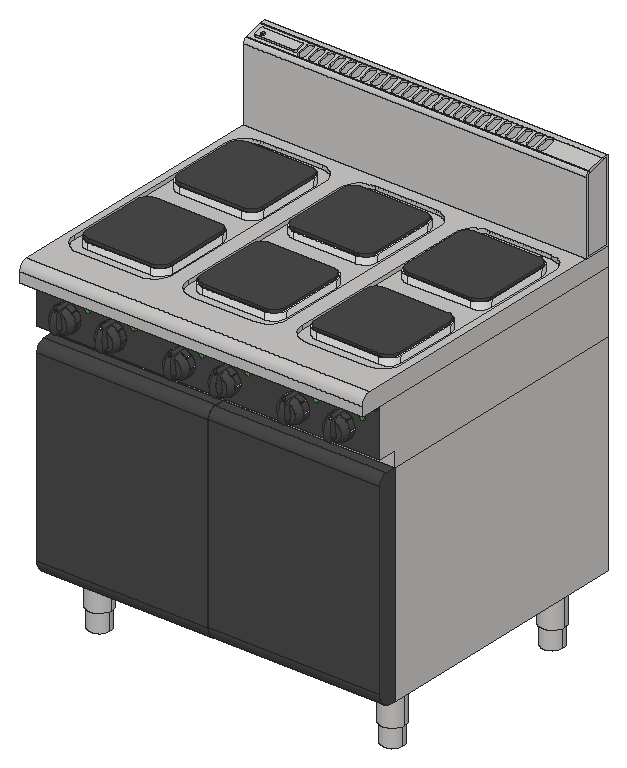
Revit family "QF_Moffat_RNB8600SE-CD_Electric_Cooktops_Sealed_Hobs_cat", category Specialty Equipment, Revit 2019 (continued)
Definition of nested family "High and Low Option"
  Automatic sketch dimensions
    Extrusion 4 sketch curve to Extrusion 4 sketch curve = 63.6 mm
    Extrusion 4 sketch curve to Extrusion 4 sketch curve = 20.745 mm
    Extrusion 4 sketch curve to Extrusion 4 sketch curve = 2.306 mm
    Extrusion 4 sketch curve to Extrusion 4 sketch curve = 0.028 mm
    Extrusion 3 sketch curve to Extrusion 3 sketch curve = 8.8 mm
    Extrusion 3 sketch curve to Extrusion 3 sketch curve = 43 mm
    Extrusion 3 sketch curve to Extrusion 3 sketch curve = 63.6 mm
    Extrusion 3 sketch curve to Extrusion 3 sketch curve = 20.745 mm
    Extrusion 3 sketch curve to Extrusion 3 sketch curve = 2.306 mm
    Extrusion 3 sketch curve to Extrusion 3 sketch curve = 0.028 mm
    Extrusion 9 sketch curve to Extrusion 9 sketch curve = 8.8 mm
    Extrusion 9 sketch curve to Extrusion 9 sketch curve = 43 mm
    Extrusion 9 sketch curve to Extrusion 9 sketch curve = 63.6 mm
    Extrusion 9 sketch curve to Extrusion 9 sketch curve = 20.745 mm
    Extrusion 9 sketch curve to Extrusion 9 sketch curve = 2.306 mm
    Extrusion 9 sketch curve to Extrusion 9 sketch curve = 0.028 mm
    Extrusion 8 sketch curve to Extrusion 8 sketch curve = 8.8 mm
    Extrusion 8 sketch curve to Extrusion 8 sketch curve = 43 mm
    Extrusion 8 sketch curve to Extrusion 8 sketch curve = 63.6 mm
    Extrusion 8 sketch curve to Extrusion 8 sketch curve = 20.745 mm
    Extrusion 8 sketch curve to Extrusion 8 sketch curve = 2.306 mm
    Extrusion 8 sketch curve to Extrusion 8 sketch curve = 0.028 mm
    Extrusion 1 sketch curve to Extrusion 1 sketch curve = 15 mm
    Extrusion 1 sketch curve to Extrusion 1 sketch curve = 55 mm  (x2)
    Extrusion 1 sketch curve to Extrusion 1 sketch curve = 40 mm
    Extrusion 6 sketch curve to Extrusion 6 sketch curve = 15 mm
    Extrusion 6 sketch curve to Extrusion 6 sketch curve = 55 mm  (x2)
    Extrusion 6 sketch curve to Extrusion 6 sketch curve = 40 mm
    Extrusion 3 sketch curve to Extrusion 3 sketch curve = 187.855 mm
    Extrusion 3 sketch curve to Extrusion 3 sketch curve = 0.105 mm
    Extrusion 4 sketch curve to Extrusion 4 sketch curve = 187.855 mm
    Extrusion 4 sketch curve to Extrusion 4 sketch curve = 0.105 mm
    Extrusion 8 sketch curve to Extrusion 8 sketch curve = 187.855 mm
    Extrusion 8 sketch curve to Extrusion 8 sketch curve = 0.105 mm
    Extrusion 9 sketch curve to Extrusion 9 sketch curve = 187.855 mm
    Extrusion 9 sketch curve to Extrusion 9 sketch curve = 0.105 mm
  Nested families
    nested 1: "QF_LOGO_Waldorf" at (32, -70, 923.25), visible <- "Show Logo 1", type "QF_LOGO_Waldorf"
    nested 2: "QF_LOGO_Waldorf1" at (12.5, -38.053, 1110.468), visible <- "Show Logo 2", type "QF_LOGO_Waldorf1"
    nested 3: "QF_LOGO_Waldorf" at (32, -70, 923.25), visible <- "Show Logo 1", type "QF_LOGO_Waldorf", not visible
    nested 4: "QF_LOGO_Waldorf1" at (12.5, -38.053, 1110.468), visible <- "Show Logo 2", type "QF_LOGO_Waldorf1", not visible
  Definition of nested family "QF_LOGO_Waldorf"
    Parameters (values of type "QF_LOGO_Waldorf")
      Weight in Pounds = 0
      URL Cutsheet = ""
      Specification by User = ""
      Specification by Manufacturer = ""
      Serial Number = ""
      Seismic Rating = ""
      SMACNA No = ""
      Revision Code = ""
      NAFEM Spec ID Number = ""
      Masterspec = ""
      Length = 138 mm
      Item Number = ""
      Installed By = ""
      Identify Quantity as Lot = yes
      Height = 26.711 mm
      Furnished By = ""
      Foodservice Equipment Identifier = yes
      Depth = 3.175 mm
      CSI MasterFormat = ""
    Reference planes
      plane 1 "BACK": y = 0
      plane 2: z = 0
      plane 3 "LEFT": x = 0
      plane 4 "RIGHT": x = 138
      plane 5 "FRONT": y = -3.175
      plane 6 "TOP": z = 26.711
      plane 7 "Center Y": x = 69
      plane 8 "Center X": y = -1.587
    Forms (mm)
      Extrusion 1, solid
        sketch origin (0, 0, 0) x (1, 0, 0) y (0, 0, 1)
          loop
            line (109, 3.464) -> (109, 23.247)
            spline (109, 23.247) -> (108.966, 23.699) -> (108.864, 24.143) -> (108.696, 24.572) -> (108.464, 24.979) -> (108.173, 25.355) -> (107.828, 25.696) -> (107.435, 25.995) -> (107, 26.247) -> (106.531, 26.447) -> (106.035, 26.593) -> (105.522, 26.681) -> (105, 26.711)
            line (105, 26.711) -> (4, 26.711)
            spline (4, 26.711) -> (3.478, 26.681) -> (2.965, 26.593) -> (2.469, 26.447) -> (2, 26.247) -> (1.565, 25.995) -> (1.172, 25.696) -> (0.827, 25.355) -> (0.536, 24.979) -> (0.304, 24.572) -> (0.136, 24.143) -> (0.034, 23.699) -> (0, 23.247)
            line (0, 23.247) -> (0, 3.464)
            spline (0, 3.464) -> (0.034, 3.012) -> (0.136, 2.568) -> (0.304, 2.138) -> (0.536, 1.732) -> (0.827, 1.355) -> (1.172, 1.015) -> (1.565, 0.716) -> (2, 0.464) -> (2.469, 0.264) -> (2.965, 0.118) -> (3.478, 0.03) -> (4, 0)
            line (4, 0) -> (105, 0)
            spline (105, 0) -> (105.522, 0.03) -> (106.035, 0.118) -> (106.531, 0.264) -> (107, 0.464) -> (107.435, 0.716) -> (107.828, 1.015) -> (108.173, 1.355) -> (108.464, 1.732) -> (108.696, 2.138) -> (108.864, 2.568) -> (108.966, 3.012) -> (109, 3.464)
          loop
            line (14.75, 7.005) -> (14.75, 15.654)
            arc (14.75, 15.654) -> (10.425, 11.329) -> (14.75, 7.005) r 4.325
          loop
            line (15.25, 15.654) -> (15.25, 7.005)
            arc (15.25, 7.005) -> (19.575, 11.329) -> (15.25, 15.654) r 4.325
        from 0 to 3.2
      Extrusion 2, solid
        sketch origin (0, 0, 0) x (1, 0, 0) y (0, 0, 1)
          loop
            line (15.25, 15.654) -> (15.25, 7.005)
            arc (15.25, 7.005) -> (19.575, 11.329) -> (15.25, 15.654) r 4.325
        from 0 to 3.2
      Extrusion 3, solid
        sketch origin (16.271, 0, 0) x (-1, 0, 0) y (0, 0, -1)
          loop
            arc (1.521, -15.654) -> (5.846, -11.329) -> (1.521, -7.005) r 4.325
            line (1.521, -7.005) -> (1.521, -15.654)
        from 0 to 3.2
    Lines and regions (mm)
      Split face 1
        outline origin (0, -3.2, 0) x (1, 0, 0) y (0, 0, 1)
          loop
            spline (22.129, 16.975) -> (22.389, 15.984) -> (22.649, 15.002) -> (22.91, 14.028) -> (23.172, 13.065) -> (23.433, 12.11) -> (23.695, 11.166) -> (23.956, 10.232) -> (24.218, 9.308) -> (24.479, 8.396) -> (24.74, 7.495) -> (25, 6.605) -> (25.26, 5.728)
            line (25.26, 5.728) -> (29.463, 5.728)
            spline (29.463, 5.728) -> (29.582, 6.252) -> (29.701, 6.78) -> (29.82, 7.313) -> (29.939, 7.85) -> (30.058, 8.391) -> (30.178, 8.936) -> (30.297, 9.485) -> (30.416, 10.038) -> (30.536, 10.594) -> (30.655, 11.155) -> (30.775, 11.719) -> (30.894, 12.287)
            spline (30.894, 12.287) -> (31.018, 11.719) -> (31.142, 11.155) -> (31.266, 10.594) -> (31.39, 10.038) -> (31.514, 9.485) -> (31.638, 8.936) -> (31.762, 8.391) -> (31.885, 7.85) -> (32.009, 7.313) -> (32.133, 6.78) -> (32.256, 6.252) -> (32.379, 5.728)
            line (32.379, 5.728) -> (36.51, 5.728)
            spline (36.51, 5.728) -> (36.766, 6.605) -> (37.023, 7.495) -> (37.28, 8.396) -> (37.538, 9.308) -> (37.795, 10.232) -> (38.053, 11.166) -> (38.311, 12.11) -> (38.569, 13.065) -> (38.826, 14.028) -> (39.083, 15.002) -> (39.34, 15.984) -> (39.597, 16.975)
            line (39.597, 16.975) -> (35.637, 16.975)
            spline (35.637, 16.975) -> (35.523, 16.334) -> (35.41, 15.697) -> (35.296, 15.063) -> (35.182, 14.433) -> (35.068, 13.807) -> (34.954, 13.185) -> (34.84, 12.566) -> (34.726, 11.952) -> (34.612, 11.342) -> (34.497, 10.737) -> (34.383, 10.135) -> (34.269, 9.538)
            spline (34.269, 9.538) -> (34.138, 10.135) -> (34.008, 10.737) -> (33.877, 11.342) -> (33.746, 11.952) -> (33.616, 12.566) -> (33.485, 13.185) -> (33.354, 13.807) -> (33.224, 14.433) -> (33.093, 15.063) -> (32.963, 15.697) -> (32.833, 16.334) -> (32.703, 16.975)
            line (32.703, 16.975) -> (29.247, 16.975)
            spline (29.247, 16.975) -> (29.111, 16.334) -> (28.974, 15.697) -> (28.837, 15.063) -> (28.7, 14.433) -> (28.562, 13.807) -> (28.425, 13.185) -> (28.288, 12.566) -> (28.15, 11.952) -> (28.013, 11.342) -> (27.875, 10.737) -> (27.738, 10.135) -> (27.6, 9.538)
            spline (27.6, 9.538) -> (27.483, 10.135) -> (27.366, 10.737) -> (27.249, 11.342) -> (27.132, 11.952) -> (27.015, 12.566) -> (26.897, 13.185) -> (26.78, 13.807) -> (26.663, 14.433) -> (26.546, 15.063) -> (26.43, 15.697) -> (26.313, 16.334) -> (26.196, 16.975)
            line (26.196, 16.975) -> (22.129, 16.975)
      Split face 2
        outline origin (0, -3.2, 0) x (1, 0, 0) y (0, 0, 1)
          loop
            line (51.449, 5.728) -> (51.035, 6.606) -> (51.035, 11.169)
            spline (51.035, 11.169) -> (50.686, 12.42) -> (50.176, 13.224) -> (49.51, 13.708) -> (48.693, 13.995) -> (47.747, 14.152) -> (46.698, 14.207) -> (45.579, 14.186) -> (44.419, 14.114) -> (43.279, 13.929) -> (42.249, 13.481) -> (41.424, 12.614) -> (40.897, 11.169)
            line (40.897, 11.169) -> (44.617, 11.169) -> (44.988, 11.965)
            spline (44.988, 11.965) -> (47.294, 11.682) -> (46.856, 10.932) -> (45.527, 10.609) -> (43.858, 10.439) -> (42.259, 10.123) -> (41.078, 9.417) -> (40.563, 8.246) -> (40.689, 6.989) -> (41.407, 6.052) -> (42.774, 5.536) -> (44.847, 5.497) -> (47.306, 6.602)
            line (47.306, 6.602) -> (47.624, 5.728) -> (51.449, 5.728)
      Split face 3
        outline origin (0, -3.2, 0) x (1, 0, 0) y (0, 0, 1)
          loop
            line (47.264, 9.264) -> (44.938, 8.597)
            spline (44.938, 8.597) -> (44.508, 8.228) -> (44.402, 7.9) -> (44.548, 7.626) -> (44.877, 7.42) -> (45.317, 7.295) -> (45.797, 7.265) -> (46.252, 7.342) -> (46.65, 7.525) -> (46.971, 7.813) -> (47.194, 8.201) -> (47.298, 8.685) -> (47.264, 9.264)
      Split face 4
        outline origin (0, -3.2, 0) x (1, 0, 0) y (0, 0, 1)
          loop
            line (53.33, 16.975) -> (53.33, 5.728) -> (57.173, 5.728) -> (57.173, 16.975) -> (53.33, 16.975)
      Split face 5
        outline origin (0, -3.2, 0) x (1, 0, 0) y (0, 0, 1)
          loop
            line (65.795, 16.975) -> (65.795, 12.976)
            spline (65.795, 12.976) -> (63.839, 14.082) -> (62.087, 14.096) -> (60.633, 13.343) -> (59.574, 12.148) -> (58.99, 10.806) -> (58.867, 9.452) -> (59.156, 8.159) -> (59.81, 7) -> (60.786, 6.056) -> (62.111, 5.514) -> (63.868, 5.634) -> (66.137, 6.679)
            line (66.137, 6.679) -> (66.137, 5.728) -> (69.511, 5.728) -> (69.511, 16.975) -> (65.795, 16.975)
      Split face 6
        outline origin (0, -3.2, 0) x (1, 0, 0) y (0, 0, 1)
          loop
            spline (64.273, 7.499) -> (64.754, 7.57) -> (65.202, 7.777) -> (65.587, 8.106) -> (65.882, 8.535) -> (66.067, 9.034) -> (66.131, 9.57) -> (66.067, 10.106) -> (65.882, 10.605) -> (65.587, 11.034) -> (65.202, 11.363) -> (64.754, 11.57) -> (64.273, 11.64)
            spline (64.273, 11.64) -> (63.793, 11.57) -> (63.345, 11.363) -> (62.96, 11.034) -> (62.665, 10.605) -> (62.479, 10.106) -> (62.416, 9.57) -> (62.479, 9.034) -> (62.665, 8.535) -> (62.96, 8.106) -> (63.345, 7.777) -> (63.793, 7.57) -> (64.273, 7.499)
      Split face 7
        outline origin (0, -3.2, 0) x (1, 0, 0) y (0, 0, 1)
          loop
            spline (76.449, 5.305) -> (77.855, 5.457) -> (79.166, 5.901) -> (80.291, 6.607) -> (81.155, 7.527) -> (81.698, 8.599) -> (81.883, 9.749) -> (81.698, 10.899) -> (81.155, 11.97) -> (80.291, 12.891) -> (79.166, 13.597) -> (77.855, 14.041) -> (76.449, 14.192)
            spline (76.449, 14.192) -> (75.042, 14.041) -> (73.731, 13.597) -> (72.606, 12.891) -> (71.742, 11.97) -> (71.199, 10.899) -> (71.014, 9.749) -> (71.199, 8.599) -> (71.742, 7.527) -> (72.606, 6.607) -> (73.731, 5.901) -> (75.042, 5.457) -> (76.449, 5.305)
      Split face 8
        outline origin (0, -3.2, 0) x (1, 0, 0) y (0, 0, 1)
          loop
            spline (76.449, 7.654) -> (76.841, 7.725) -> (77.206, 7.934) -> (77.52, 8.267) -> (77.76, 8.701) -> (77.912, 9.206) -> (77.963, 9.749) -> (77.912, 10.291) -> (77.76, 10.796) -> (77.52, 11.23) -> (77.206, 11.563) -> (76.841, 11.772) -> (76.449, 11.843)
            spline (76.449, 11.843) -> (76.057, 11.772) -> (75.691, 11.563) -> (75.378, 11.23) -> (75.137, 10.796) -> (74.986, 10.291) -> (74.934, 9.749) -> (74.986, 9.206) -> (75.137, 8.701) -> (75.378, 8.267) -> (75.691, 7.934) -> (76.057, 7.725) -> (76.449, 7.654)
      Split face 9
        outline origin (0, -3.2, 0) x (1, 0, 0) y (0, 0, 1)
          loop
            line (86.998, 12.335) -> (86.998, 13.879) -> (83.479, 13.879) -> (83.479, 5.728) -> (87.312, 5.728) -> (87.312, 8.975)
            spline (87.312, 8.975) -> (87.364, 9.356) -> (87.458, 9.686) -> (87.594, 9.968) -> (87.769, 10.204) -> (87.982, 10.398) -> (88.229, 10.55) -> (88.509, 10.666) -> (88.82, 10.746) -> (89.16, 10.794) -> (89.525, 10.812) -> (89.915, 10.803) -> (90.327, 10.77)
            line (90.327, 10.77) -> (90.327, 14.113)
            spline (90.327, 14.113) -> (89.929, 14.127) -> (89.552, 14.111) -> (89.197, 14.066) -> (88.865, 13.991) -> (88.554, 13.887) -> (88.266, 13.754) -> (87.999, 13.591) -> (87.755, 13.399) -> (87.532, 13.177) -> (87.332, 12.926) -> (87.154, 12.645) -> (86.998, 12.335)
      Split face 10
        outline origin (0, -3.2, 0) x (1, 0, 0) y (0, 0, 1)
          loop
            line (92.082, 13.879) -> (90.894, 13.879) -> (90.894, 11.972) -> (92.082, 11.972) -> (92.082, 5.728) -> (95.871, 5.728) -> (95.871, 11.972) -> (97.5, 11.972) -> (97.5, 13.879) -> (95.871, 13.879)
            spline (95.871, 13.879) -> (95.843, 14.088) -> (95.845, 14.278) -> (95.877, 14.447) -> (95.939, 14.596) -> (96.03, 14.726) -> (96.151, 14.835) -> (96.301, 14.925) -> (96.482, 14.995) -> (96.692, 15.045) -> (96.931, 15.075) -> (97.201, 15.085) -> (97.5, 15.076)
            line (97.5, 15.076) -> (97.5, 17.266) -> (95.367, 17.266)
            spline (95.367, 17.266) -> (94.982, 17.253) -> (94.58, 17.21) -> (94.174, 17.132) -> (93.774, 17.013) -> (93.39, 16.846) -> (93.034, 16.627) -> (92.717, 16.349) -> (92.448, 16.007) -> (92.24, 15.595) -> (92.102, 15.106) -> (92.046, 14.537) -> (92.082, 13.879)
    Dimensions and locks
      equal spacing: plane 3 "LEFT", plane 7 "Center Y", plane 4 "RIGHT"
      "Length": plane 3 "LEFT" to plane 4 "RIGHT"
      equal spacing: plane 5 "FRONT", plane 8 "Center X", plane 1 "BACK"
      "Depth": plane 5 "FRONT" to plane 1 "BACK"
      "Height": plane 6 "TOP" to level
      plane 4 "RIGHT" to plane 3 "LEFT" = 138 mm
      aligned and locked: level to plane 2
    Automatic sketch dimensions
      Extrusion 1 sketch curve to plane 3 "LEFT" = 0 mm
      Extrusion 1 sketch curve to plane 6 "TOP" = 0 mm
      Extrusion 1 sketch curve to level = 0 mm
      plane 3 "LEFT" to Extrusion 1 sketch curve = 4 mm  (x2)
      Extrusion 1 sketch curve to Extrusion 1 sketch curve = 10.75 mm
      Extrusion 1 sketch curve to Extrusion 1 sketch curve = 0.5 mm
      plane 4 "RIGHT" to Extrusion 1 sketch curve = 33 mm
      Extrusion 1 sketch curve to Extrusion 1 sketch curve = 0 mm  (x3)
      Extrusion 1 sketch curve to Extrusion 1 sketch curve = 4 mm
      level to Extrusion 1 sketch curve = 3.464 mm  (x2)
      level to Extrusion 1 sketch curve = 7.005 mm
      Extrusion 1 sketch curve to Extrusion 1 sketch curve = 4.325 mm
      Extrusion 1 sketch curve to plane 6 "TOP" = 3.464 mm  (x2)
      Extrusion 2 sketch curve to Extrusion 2 sketch curve = 4.325 mm
      level to Extrusion 2 sketch curve = 7.005 mm
      plane 3 "LEFT" to Extrusion 2 sketch curve = 15.25 mm
      Extrusion 3 sketch curve to Extrusion 3 sketch curve = 4.325 mm
      Extrusion 3 sketch curve to level = 7.005 mm
      Extrusion 3 sketch curve to plane 3 "LEFT" = 14.75 mm
      Extrusion 1 to Split face 1 sketch curve = 6.879 mm
      Split face 1 sketch curve to Extrusion 1 = 5.728 mm
      Split face 1 sketch curve to Split face 1 sketch curve = 3.132 mm
      Split face 1 sketch curve to Split face 1 sketch curve = 4.068 mm
      Split face 1 sketch curve to Split face 1 sketch curve = 3.051 mm
      Split face 1 sketch curve to Split face 1 sketch curve = 4.203 mm
      Split face 1 sketch curve to Split face 1 sketch curve = 2.916 mm
      Split face 1 sketch curve to Split face 1 sketch curve = 3.456 mm
      Split face 1 sketch curve to Split face 1 sketch curve = 2.934 mm
      Split face 1 sketch curve to Split face 1 sketch curve = 4.131 mm
      Split face 1 sketch curve to Split face 1 sketch curve = 3.96 mm
      Split face 1 sketch curve to Split face 1 sketch curve = 0 mm  (x2)
      Split face 1 sketch curve to Extrusion 1 = 9.736 mm  (x2)
      Extrusion 1 to Split face 1 sketch curve = 6.337 mm
      Extrusion 1 to Split face 1 sketch curve = 6.231 mm
      Extrusion 1 to Split face 1 sketch curve = 3.184 mm
      Extrusion 1 to Split face 1 sketch curve = 13.135 mm
      Split face 1 sketch curve to Split face 1 sketch curve = 4.652 mm
      Split face 1 sketch curve to Split face 1 sketch curve = 3.593 mm
      Split face 1 sketch curve to Split face 1 sketch curve = 1.863 mm
      Split face 1 sketch curve to Split face 1 sketch curve = 0.713 mm
      Split face 1 sketch curve to Split face 1 sketch curve = 2.684 mm
      Split face 1 sketch curve to Split face 1 sketch curve = 3.294 mm
      Split face 1 sketch curve to Split face 1 sketch curve = 0.459 mm
      Split face 1 sketch curve to Split face 1 sketch curve = 2.775 mm
      Split face 1 sketch curve to Split face 1 sketch curve = 1.89 mm
      Split face 1 sketch curve to Split face 1 sketch curve = 0.685 mm
      Split face 1 sketch curve to Split face 1 sketch curve = 9.486 mm
      Split face 1 sketch curve to Split face 1 sketch curve = 16.213 mm
      Split face 1 sketch curve to Split face 1 sketch curve = 3.48 mm
      Split face 1 sketch curve to Split face 1 sketch curve = 4.918 mm
      Split face 1 sketch curve to Split face 1 sketch curve = 7.609 mm
      Split face 1 sketch curve to Split face 1 sketch curve = 0.01 mm  (x2)
      Split face 1 sketch curve to Split face 1 sketch curve = 0.002 mm
      Split face 2 sketch curve to Extrusion 1 = 11.169 mm
      Extrusion 1 to Split face 2 sketch curve = 25.647 mm
      Split face 2 sketch curve to Split face 2 sketch curve = 3.72 mm
      Split face 2 sketch curve to Extrusion 1 = 11.965 mm
      Split face 2 sketch curve to Split face 2 sketch curve = 0.371 mm
      Split face 2 sketch curve to Extrusion 1 = 6.602 mm
      Split face 2 sketch curve to Split face 2 sketch curve = 2.689 mm
      Split face 2 sketch curve to Split face 2 sketch curve = 0.318 mm
      Split face 2 sketch curve to Split face 2 sketch curve = 3.729 mm
      Split face 2 sketch curve to Split face 2 sketch curve = 0.414 mm
      Split face 2 sketch curve to Split face 2 sketch curve = 0.875 mm
      Split face 2 sketch curve to Split face 2 sketch curve = 0.878 mm
      Split face 3 sketch curve to Extrusion 1 = 8.597 mm
      Extrusion 1 to Split face 3 sketch curve = 29.688 mm
      Split face 3 sketch curve to Extrusion 1 = 9.264 mm
      Split face 3 sketch curve to Split face 3 sketch curve = 2.326 mm
      Split face 4 sketch curve to Extrusion 1 = 5.728 mm
      Extrusion 1 to Split face 4 sketch curve = 38.08 mm
      Split face 4 sketch curve to Split face 4 sketch curve = 3.843 mm
      Split face 4 sketch curve to Extrusion 1 = 9.736 mm
      Split face 5 sketch curve to Extrusion 1 = 12.976 mm
      Split face 5 sketch curve to Extrusion 1 = 43.205 mm
      Split face 5 sketch curve to Extrusion 1 = 6.679 mm
      Split face 5 sketch curve to Split face 5 sketch curve = 0.342 mm
      Split face 5 sketch curve to Split face 5 sketch curve = 3.375 mm
      Split face 5 sketch curve to Split face 5 sketch curve = 0.952 mm
      Split face 5 sketch curve to Split face 5 sketch curve = 3.998 mm
      Split face 6 sketch curve to Extrusion 1 = 7.499 mm
      Split face 6 sketch curve to Extrusion 1 = 44.727 mm
      Split face 6 sketch curve to Split face 6 sketch curve = 2.07 mm
      Split face 7 sketch curve to Extrusion 1 = 5.305 mm
      Split face 7 sketch curve to Extrusion 1 = 32.551 mm
      Split face 7 sketch curve to Split face 7 sketch curve = 4.443 mm
      Split face 8 sketch curve to Split face 8 sketch curve = 2.095 mm
      Split face 8 sketch curve to Extrusion 1 = 7.654 mm
      Split face 8 sketch curve to Extrusion 1 = 32.551 mm
      Split face 9 sketch curve to Extrusion 1 = 5.728 mm
      Split face 9 sketch curve to Extrusion 1 = 25.521 mm
      Split face 9 sketch curve to Split face 9 sketch curve = 3.519 mm
      Split face 9 sketch curve to Split face 9 sketch curve = 0.315 mm
      Split face 9 sketch curve to Split face 9 sketch curve = 3.33 mm
      Split face 9 sketch curve to Split face 9 sketch curve = 3.248 mm
      Split face 9 sketch curve to Split face 9 sketch curve = 1.795 mm
      Split face 9 sketch curve to Split face 9 sketch curve = 3.36 mm
      Split face 9 sketch curve to Split face 9 sketch curve = 1.545 mm
      Split face 9 sketch curve to Split face 9 sketch curve = 0.233 mm
      Split face 10 sketch curve to Extrusion 1 = 18.106 mm
      Split face 10 sketch curve to Split face 10 sketch curve = 1.188 mm  (x2)
      Split face 10 sketch curve to Split face 10 sketch curve = 3.285 mm
      Split face 10 sketch curve to Split face 10 sketch curve = 3.789 mm
      Split face 10 sketch curve to Split face 10 sketch curve = 0 mm  (x2)
      Split face 10 sketch curve to Split face 10 sketch curve = 1.629 mm
      Split face 10 sketch curve to Split face 10 sketch curve = 2.133 mm
      Split face 10 sketch curve to Extrusion 1 = 5.728 mm
      Split face 10 sketch curve to Split face 10 sketch curve = 6.245 mm
      Split face 10 sketch curve to Split face 10 sketch curve = 1.907 mm  (x2)
      Split face 10 sketch curve to Split face 10 sketch curve = 1.197 mm
      Split face 10 sketch curve to Split face 10 sketch curve = 2.19 mm
  Definition of nested family "QF_LOGO_Waldorf1"
    Parameters (values of type "QF_LOGO_Waldorf1")
      Weight in Pounds = 0
      URL Cutsheet = ""
      Specification by User = ""
      Specification by Manufacturer = ""
      Serial Number = ""
      Seismic Rating = ""
      SMACNA No = ""
      Revision Code = ""
      NAFEM Spec ID Number = ""
      Masterspec = ""
      Length = 138 mm
      Item Number = ""
      Installed By = ""
      Identify Quantity as Lot = yes
      Height = 26.711 mm
      Furnished By = ""
      Foodservice Equipment Identifier = yes
      Depth = 3.175 mm
      CSI MasterFormat = ""
    Reference planes
      plane 1 "BACK": y = 0
      plane 2: z = 0
      plane 3 "LEFT": x = 0
      plane 4 "RIGHT": x = 138
      plane 5 "FRONT": y = -3.175
      plane 6 "TOP": z = 26.711
      plane 7 "Center Y": x = 69
      plane 8 "Center X": y = -1.587
    Forms (mm)
      Extrusion 1, solid
        sketch origin (0, -12.9, 9.899) x (1, 0, 0) y (0, 0.965926, 0.258819)
          loop
            line (109, 3.464) -> (109, 23.247)
            spline (109, 23.247) -> (108.966, 23.699) -> (108.864, 24.143) -> (108.696, 24.572) -> (108.464, 24.979) -> (108.173, 25.355) -> (107.828, 25.696) -> (107.435, 25.995) -> (107, 26.247) -> (106.531, 26.447) -> (106.035, 26.593) -> (105.522, 26.681) -> (105, 26.711)
            line (105, 26.711) -> (4, 26.711)
            spline (4, 26.711) -> (3.478, 26.681) -> (2.965, 26.593) -> (2.469, 26.447) -> (2, 26.247) -> (1.565, 25.995) -> (1.172, 25.696) -> (0.827, 25.355) -> (0.536, 24.979) -> (0.304, 24.572) -> (0.136, 24.143) -> (0.034, 23.699) -> (0, 23.247)
            line (0, 23.247) -> (0, 3.464)
            spline (0, 3.464) -> (0.034, 3.012) -> (0.136, 2.568) -> (0.304, 2.138) -> (0.536, 1.732) -> (0.827, 1.355) -> (1.172, 1.015) -> (1.565, 0.716) -> (2, 0.464) -> (2.469, 0.264) -> (2.965, 0.118) -> (3.478, 0.03) -> (4, 0)
            line (4, 0) -> (105, 0)
            spline (105, 0) -> (105.522, 0.03) -> (106.035, 0.118) -> (106.531, 0.264) -> (107, 0.464) -> (107.435, 0.716) -> (107.828, 1.015) -> (108.173, 1.355) -> (108.464, 1.732) -> (108.696, 2.138) -> (108.864, 2.568) -> (108.966, 3.012) -> (109, 3.464)
          loop
            line (14.75, 7.005) -> (14.75, 15.654)
            arc (14.75, 15.654) -> (10.425, 11.329) -> (14.75, 7.005) r 4.325
          loop
            line (15.25, 15.654) -> (15.25, 7.005)
            arc (15.25, 7.005) -> (19.575, 11.329) -> (15.25, 15.654) r 4.325
        from 0 to 3.2
      Extrusion 2, solid
        sketch origin (0, -12.9, 9.899) x (1, 0, 0) y (0, 0.965926, 0.258819)
          loop
            line (15.25, 15.654) -> (15.25, 7.005)
            arc (15.25, 7.005) -> (19.575, 11.329) -> (15.25, 15.654) r 4.325
        from 0 to 3.2
      Extrusion 3, solid
        sketch origin (16.271, -12.9, 9.899) x (-1, 0, 0) y (0, -0.965926, -0.258819)
          loop
            arc (1.521, -15.654) -> (5.846, -11.329) -> (1.521, -7.005) r 4.325
            line (1.521, -7.005) -> (1.521, -15.654)
        from 0 to 3.2
    Lines and regions (mm)
      Split face 1
        outline origin (0, -13.729, 12.99) x (1, 0, 0) y (0, 0.965926, 0.258819)
          loop
            spline (22.129, 16.975) -> (22.389, 15.984) -> (22.649, 15.002) -> (22.91, 14.028) -> (23.172, 13.065) -> (23.433, 12.11) -> (23.695, 11.166) -> (23.956, 10.232) -> (24.218, 9.308) -> (24.479, 8.396) -> (24.74, 7.495) -> (25, 6.605) -> (25.26, 5.728)
            line (25.26, 5.728) -> (29.463, 5.728)
            spline (29.463, 5.728) -> (29.582, 6.252) -> (29.701, 6.78) -> (29.82, 7.313) -> (29.939, 7.85) -> (30.058, 8.391) -> (30.178, 8.936) -> (30.297, 9.485) -> (30.416, 10.038) -> (30.536, 10.594) -> (30.655, 11.155) -> (30.775, 11.719) -> (30.894, 12.287)
            spline (30.894, 12.287) -> (31.018, 11.719) -> (31.142, 11.155) -> (31.266, 10.594) -> (31.39, 10.038) -> (31.514, 9.485) -> (31.638, 8.936) -> (31.762, 8.391) -> (31.885, 7.85) -> (32.009, 7.313) -> (32.133, 6.78) -> (32.256, 6.252) -> (32.379, 5.728)
            line (32.379, 5.728) -> (36.51, 5.728)
            spline (36.51, 5.728) -> (36.766, 6.605) -> (37.023, 7.495) -> (37.28, 8.396) -> (37.538, 9.308) -> (37.795, 10.232) -> (38.053, 11.166) -> (38.311, 12.11) -> (38.569, 13.065) -> (38.826, 14.028) -> (39.083, 15.002) -> (39.34, 15.984) -> (39.597, 16.975)
            line (39.597, 16.975) -> (35.637, 16.975)
            spline (35.637, 16.975) -> (35.523, 16.334) -> (35.41, 15.697) -> (35.296, 15.063) -> (35.182, 14.433) -> (35.068, 13.807) -> (34.954, 13.185) -> (34.84, 12.566) -> (34.726, 11.952) -> (34.612, 11.342) -> (34.497, 10.737) -> (34.383, 10.135) -> (34.269, 9.538)
            spline (34.269, 9.538) -> (34.138, 10.135) -> (34.008, 10.737) -> (33.877, 11.342) -> (33.746, 11.952) -> (33.616, 12.566) -> (33.485, 13.185) -> (33.354, 13.807) -> (33.224, 14.433) -> (33.093, 15.063) -> (32.963, 15.697) -> (32.833, 16.334) -> (32.703, 16.975)
            line (32.703, 16.975) -> (29.247, 16.975)
            spline (29.247, 16.975) -> (29.111, 16.334) -> (28.974, 15.697) -> (28.837, 15.063) -> (28.7, 14.433) -> (28.562, 13.807) -> (28.425, 13.185) -> (28.288, 12.566) -> (28.15, 11.952) -> (28.013, 11.342) -> (27.875, 10.737) -> (27.738, 10.135) -> (27.6, 9.538)
            spline (27.6, 9.538) -> (27.483, 10.135) -> (27.366, 10.737) -> (27.249, 11.342) -> (27.132, 11.952) -> (27.015, 12.566) -> (26.897, 13.185) -> (26.78, 13.807) -> (26.663, 14.433) -> (26.546, 15.063) -> (26.43, 15.697) -> (26.313, 16.334) -> (26.196, 16.975)
            line (26.196, 16.975) -> (22.129, 16.975)
      Split face 2
        outline origin (0, -13.729, 12.99) x (1, 0, 0) y (0, 0.965926, 0.258819)
          loop
            line (51.449, 5.728) -> (51.035, 6.606) -> (51.035, 11.169)
            spline (51.035, 11.169) -> (50.686, 12.42) -> (50.176, 13.224) -> (49.51, 13.708) -> (48.693, 13.995) -> (47.747, 14.152) -> (46.698, 14.207) -> (45.579, 14.186) -> (44.419, 14.114) -> (43.279, 13.929) -> (42.249, 13.481) -> (41.424, 12.614) -> (40.897, 11.169)
            line (40.897, 11.169) -> (44.617, 11.169) -> (44.988, 11.965)
            spline (44.988, 11.965) -> (47.294, 11.682) -> (46.856, 10.932) -> (45.527, 10.609) -> (43.858, 10.439) -> (42.259, 10.123) -> (41.078, 9.417) -> (40.563, 8.246) -> (40.689, 6.989) -> (41.407, 6.052) -> (42.774, 5.536) -> (44.847, 5.497) -> (47.306, 6.602)
            line (47.306, 6.602) -> (47.624, 5.728) -> (51.449, 5.728)
      Split face 3
        outline origin (0, -13.729, 12.99) x (1, 0, 0) y (0, 0.965926, 0.258819)
          loop
            line (47.264, 9.264) -> (44.938, 8.597)
            spline (44.938, 8.597) -> (44.508, 8.228) -> (44.402, 7.9) -> (44.548, 7.626) -> (44.877, 7.42) -> (45.317, 7.295) -> (45.797, 7.265) -> (46.252, 7.342) -> (46.65, 7.525) -> (46.971, 7.813) -> (47.194, 8.201) -> (47.298, 8.685) -> (47.264, 9.264)
      Split face 4
        outline origin (0, -13.729, 12.99) x (1, 0, 0) y (0, 0.965926, 0.258819)
          loop
            line (53.33, 16.975) -> (53.33, 5.728) -> (57.173, 5.728) -> (57.173, 16.975) -> (53.33, 16.975)
      Split face 5
        outline origin (0, -13.729, 12.99) x (1, 0, 0) y (0, 0.965926, 0.258819)
          loop
            line (65.795, 16.975) -> (65.795, 12.976)
            spline (65.795, 12.976) -> (63.839, 14.082) -> (62.087, 14.096) -> (60.633, 13.343) -> (59.574, 12.148) -> (58.99, 10.806) -> (58.867, 9.452) -> (59.156, 8.159) -> (59.81, 7) -> (60.786, 6.056) -> (62.111, 5.514) -> (63.868, 5.634) -> (66.137, 6.679)
            line (66.137, 6.679) -> (66.137, 5.728) -> (69.511, 5.728) -> (69.511, 16.975) -> (65.795, 16.975)
      Split face 6
        outline origin (0, -13.729, 12.99) x (1, 0, 0) y (0, 0.965926, 0.258819)
          loop
            spline (64.273, 7.499) -> (64.754, 7.57) -> (65.202, 7.777) -> (65.587, 8.106) -> (65.882, 8.535) -> (66.067, 9.034) -> (66.131, 9.57) -> (66.067, 10.106) -> (65.882, 10.605) -> (65.587, 11.034) -> (65.202, 11.363) -> (64.754, 11.57) -> (64.273, 11.64)
            spline (64.273, 11.64) -> (63.793, 11.57) -> (63.345, 11.363) -> (62.96, 11.034) -> (62.665, 10.605) -> (62.479, 10.106) -> (62.416, 9.57) -> (62.479, 9.034) -> (62.665, 8.535) -> (62.96, 8.106) -> (63.345, 7.777) -> (63.793, 7.57) -> (64.273, 7.499)
      Split face 7
        outline origin (0, -13.729, 12.99) x (1, 0, 0) y (0, 0.965926, 0.258819)
          loop
            spline (76.449, 5.305) -> (77.855, 5.457) -> (79.166, 5.901) -> (80.291, 6.607) -> (81.155, 7.527) -> (81.698, 8.599) -> (81.883, 9.749) -> (81.698, 10.899) -> (81.155, 11.97) -> (80.291, 12.891) -> (79.166, 13.597) -> (77.855, 14.041) -> (76.449, 14.192)
            spline (76.449, 14.192) -> (75.042, 14.041) -> (73.731, 13.597) -> (72.606, 12.891) -> (71.742, 11.97) -> (71.199, 10.899) -> (71.014, 9.749) -> (71.199, 8.599) -> (71.742, 7.527) -> (72.606, 6.607) -> (73.731, 5.901) -> (75.042, 5.457) -> (76.449, 5.305)
      Split face 8
        outline origin (0, -13.729, 12.99) x (1, 0, 0) y (0, 0.965926, 0.258819)
          loop
            spline (76.449, 7.654) -> (76.841, 7.725) -> (77.206, 7.934) -> (77.52, 8.267) -> (77.76, 8.701) -> (77.912, 9.206) -> (77.963, 9.749) -> (77.912, 10.291) -> (77.76, 10.796) -> (77.52, 11.23) -> (77.206, 11.563) -> (76.841, 11.772) -> (76.449, 11.843)
            spline (76.449, 11.843) -> (76.057, 11.772) -> (75.691, 11.563) -> (75.378, 11.23) -> (75.137, 10.796) -> (74.986, 10.291) -> (74.934, 9.749) -> (74.986, 9.206) -> (75.137, 8.701) -> (75.378, 8.267) -> (75.691, 7.934) -> (76.057, 7.725) -> (76.449, 7.654)
      Split face 9
        outline origin (0, -13.729, 12.99) x (1, 0, 0) y (0, 0.965926, 0.258819)
          loop
            line (86.998, 12.335) -> (86.998, 13.879) -> (83.479, 13.879) -> (83.479, 5.728) -> (87.312, 5.728) -> (87.312, 8.975)
            spline (87.312, 8.975) -> (87.364, 9.356) -> (87.458, 9.686) -> (87.594, 9.968) -> (87.769, 10.204) -> (87.982, 10.398) -> (88.229, 10.55) -> (88.509, 10.666) -> (88.82, 10.746) -> (89.16, 10.794) -> (89.525, 10.812) -> (89.915, 10.803) -> (90.327, 10.77)
            line (90.327, 10.77) -> (90.327, 14.113)
            spline (90.327, 14.113) -> (89.929, 14.127) -> (89.552, 14.111) -> (89.197, 14.066) -> (88.865, 13.991) -> (88.554, 13.887) -> (88.266, 13.754) -> (87.999, 13.591) -> (87.755, 13.399) -> (87.532, 13.177) -> (87.332, 12.926) -> (87.154, 12.645) -> (86.998, 12.335)
      Split face 10
        outline origin (0, -13.729, 12.99) x (1, 0, 0) y (0, 0.965926, 0.258819)
          loop
            line (92.082, 13.879) -> (90.894, 13.879) -> (90.894, 11.972) -> (92.082, 11.972) -> (92.082, 5.728) -> (95.871, 5.728) -> (95.871, 11.972) -> (97.5, 11.972) -> (97.5, 13.879) -> (95.871, 13.879)
            spline (95.871, 13.879) -> (95.843, 14.088) -> (95.845, 14.278) -> (95.877, 14.447) -> (95.939, 14.596) -> (96.03, 14.726) -> (96.151, 14.835) -> (96.301, 14.925) -> (96.482, 14.995) -> (96.692, 15.045) -> (96.931, 15.075) -> (97.201, 15.085) -> (97.5, 15.076)
            line (97.5, 15.076) -> (97.5, 17.266) -> (95.367, 17.266)
            spline (95.367, 17.266) -> (94.982, 17.253) -> (94.58, 17.21) -> (94.174, 17.132) -> (93.774, 17.013) -> (93.39, 16.846) -> (93.034, 16.627) -> (92.717, 16.349) -> (92.448, 16.007) -> (92.24, 15.595) -> (92.102, 15.106) -> (92.046, 14.537) -> (92.082, 13.879)
    Dimensions and locks
      equal spacing: plane 3 "LEFT", plane 7 "Center Y", plane 4 "RIGHT"
      "Length": plane 3 "LEFT" to plane 4 "RIGHT"
      equal spacing: plane 5 "FRONT", plane 8 "Center X", plane 1 "BACK"
      "Depth": plane 5 "FRONT" to plane 1 "BACK"
      "Height": plane 6 "TOP" to level
      plane 4 "RIGHT" to plane 3 "LEFT" = 138 mm
      aligned and locked: level to plane 2
    Automatic sketch dimensions
      Extrusion 1 sketch curve to plane 3 "LEFT" = 0 mm
      plane 3 "LEFT" to Extrusion 1 sketch curve = 4 mm  (x2)
      Extrusion 1 sketch curve to Extrusion 1 sketch curve = 10.75 mm
      Extrusion 1 sketch curve to Extrusion 1 sketch curve = 0.5 mm
      plane 4 "RIGHT" to Extrusion 1 sketch curve = 33 mm
      Extrusion 1 sketch curve to Extrusion 1 sketch curve = 0 mm  (x3)
      Extrusion 1 sketch curve to Extrusion 1 sketch curve = 4 mm
      Extrusion 1 sketch curve to Extrusion 1 sketch curve = 3.464 mm  (x3)
      Extrusion 1 sketch curve to Extrusion 1 sketch curve = 3.541 mm
      Extrusion 1 sketch curve to Extrusion 1 sketch curve = 4.325 mm
      Extrusion 1 sketch curve to Extrusion 1 sketch curve = 19.783 mm
      Extrusion 1 sketch curve to Extrusion 1 sketch curve = 7.592 mm
      plane 3 "LEFT" to Extrusion 2 sketch curve = 15.25 mm
      Extrusion 2 sketch curve to Extrusion 2 sketch curve = 4.325 mm
      plane 3 "LEFT" to Extrusion 3 sketch curve = 14.75 mm
      Extrusion 3 sketch curve to Extrusion 3 sketch curve = 4.325 mm
      Extrusion 1 to Split face 1 sketch curve = 6.879 mm
      Split face 1 sketch curve to Extrusion 1 = 5.728 mm
      Split face 1 sketch curve to Split face 1 sketch curve = 3.132 mm
      Split face 1 sketch curve to Split face 1 sketch curve = 4.068 mm
      Split face 1 sketch curve to Split face 1 sketch curve = 3.051 mm
      Split face 1 sketch curve to Split face 1 sketch curve = 4.203 mm
      Split face 1 sketch curve to Split face 1 sketch curve = 2.916 mm
      Split face 1 sketch curve to Split face 1 sketch curve = 3.456 mm
      Split face 1 sketch curve to Split face 1 sketch curve = 2.934 mm
      Split face 1 sketch curve to Split face 1 sketch curve = 4.131 mm
      Split face 1 sketch curve to Split face 1 sketch curve = 3.96 mm
      Split face 1 sketch curve to Split face 1 sketch curve = 0 mm  (x2)
      Split face 1 sketch curve to Extrusion 1 = 9.736 mm  (x2)
      Extrusion 1 to Split face 1 sketch curve = 6.337 mm
      Extrusion 1 to Split face 1 sketch curve = 6.231 mm
      Extrusion 1 to Split face 1 sketch curve = 3.184 mm
      Extrusion 1 to Split face 1 sketch curve = 13.135 mm
      Split face 1 sketch curve to Split face 1 sketch curve = 4.652 mm
      Split face 1 sketch curve to Split face 1 sketch curve = 3.593 mm
      Split face 1 sketch curve to Split face 1 sketch curve = 1.863 mm
      Split face 1 sketch curve to Split face 1 sketch curve = 0.713 mm
      Split face 1 sketch curve to Split face 1 sketch curve = 2.684 mm
      Split face 1 sketch curve to Split face 1 sketch curve = 3.294 mm
      Split face 1 sketch curve to Split face 1 sketch curve = 0.459 mm
      Split face 1 sketch curve to Split face 1 sketch curve = 2.775 mm
      Split face 1 sketch curve to Split face 1 sketch curve = 1.89 mm
      Split face 1 sketch curve to Split face 1 sketch curve = 0.685 mm
      Split face 1 sketch curve to Split face 1 sketch curve = 9.486 mm
      Split face 1 sketch curve to Split face 1 sketch curve = 16.213 mm
      Split face 1 sketch curve to Split face 1 sketch curve = 3.48 mm
      Split face 1 sketch curve to Split face 1 sketch curve = 4.918 mm
      Split face 1 sketch curve to Split face 1 sketch curve = 7.609 mm
      Split face 1 sketch curve to Split face 1 sketch curve = 0.01 mm  (x2)
      Split face 1 sketch curve to Split face 1 sketch curve = 0.002 mm
      Split face 2 sketch curve to Extrusion 1 = 11.169 mm
      Extrusion 1 to Split face 2 sketch curve = 25.647 mm
      Split face 2 sketch curve to Split face 2 sketch curve = 3.72 mm
      Split face 2 sketch curve to Extrusion 1 = 11.965 mm
      Split face 2 sketch curve to Split face 2 sketch curve = 0.371 mm
      Split face 2 sketch curve to Extrusion 1 = 6.602 mm
      Split face 2 sketch curve to Split face 2 sketch curve = 2.689 mm
      Split face 2 sketch curve to Split face 2 sketch curve = 0.318 mm
      Split face 2 sketch curve to Split face 2 sketch curve = 3.729 mm
      Split face 2 sketch curve to Split face 2 sketch curve = 0.414 mm
      Split face 2 sketch curve to Split face 2 sketch curve = 0.875 mm
      Split face 2 sketch curve to Split face 2 sketch curve = 0.878 mm
      Split face 3 sketch curve to Extrusion 1 = 8.597 mm
      Extrusion 1 to Split face 3 sketch curve = 29.688 mm
      Split face 3 sketch curve to Extrusion 1 = 9.264 mm
      Split face 3 sketch curve to Split face 3 sketch curve = 2.326 mm
      Split face 4 sketch curve to Extrusion 1 = 5.728 mm
      Extrusion 1 to Split face 4 sketch curve = 38.08 mm
      Split face 4 sketch curve to Split face 4 sketch curve = 3.843 mm
      Split face 4 sketch curve to Extrusion 1 = 9.736 mm
      Split face 5 sketch curve to Extrusion 1 = 9.736 mm
      Split face 5 sketch curve to Extrusion 1 = 43.205 mm
      Split face 5 sketch curve to Extrusion 1 = 6.679 mm
      Split face 5 sketch curve to Split face 5 sketch curve = 0.342 mm
      Split face 5 sketch curve to Split face 5 sketch curve = 3.375 mm
      Split face 5 sketch curve to Split face 5 sketch curve = 0.952 mm
      Split face 5 sketch curve to Split face 5 sketch curve = 3.998 mm
      Split face 6 sketch curve to Extrusion 1 = 7.499 mm
      Split face 6 sketch curve to Extrusion 1 = 44.727 mm
      Split face 6 sketch curve to Split face 6 sketch curve = 2.07 mm
      Split face 7 sketch curve to Extrusion 1 = 5.305 mm
      Split face 7 sketch curve to Extrusion 1 = 32.551 mm
      Split face 7 sketch curve to Split face 7 sketch curve = 4.443 mm
      Split face 8 sketch curve to Extrusion 1 = 7.654 mm
      Split face 8 sketch curve to Extrusion 1 = 32.551 mm
      Split face 8 sketch curve to Split face 8 sketch curve = 2.095 mm
      Split face 9 sketch curve to Extrusion 1 = 5.728 mm
      Split face 9 sketch curve to Extrusion 1 = 25.521 mm
      Split face 9 sketch curve to Split face 9 sketch curve = 3.519 mm
      Split face 9 sketch curve to Split face 9 sketch curve = 0.315 mm
      Split face 9 sketch curve to Split face 9 sketch curve = 3.33 mm
      Split face 9 sketch curve to Split face 9 sketch curve = 3.248 mm
      Split face 9 sketch curve to Split face 9 sketch curve = 1.795 mm
      Split face 9 sketch curve to Split face 9 sketch curve = 3.36 mm
      Split face 9 sketch curve to Split face 9 sketch curve = 1.545 mm
      Split face 9 sketch curve to Split face 9 sketch curve = 0.233 mm
      Split face 10 sketch curve to Extrusion 1 = 18.106 mm
      Split face 10 sketch curve to Split face 10 sketch curve = 1.188 mm  (x2)
      Split face 10 sketch curve to Split face 10 sketch curve = 3.285 mm
      Split face 10 sketch curve to Split face 10 sketch curve = 3.789 mm
      Split face 10 sketch curve to Split face 10 sketch curve = 0 mm  (x2)
      Split face 10 sketch curve to Split face 10 sketch curve = 1.629 mm
      Split face 10 sketch curve to Split face 10 sketch curve = 2.133 mm
      Split face 10 sketch curve to Extrusion 1 = 5.728 mm
      Split face 10 sketch curve to Split face 10 sketch curve = 6.245 mm
      Split face 10 sketch curve to Split face 10 sketch curve = 1.907 mm  (x2)
      Split face 10 sketch curve to Split face 10 sketch curve = 1.197 mm
      Split face 10 sketch curve to Split face 10 sketch curve = 2.19 mm
